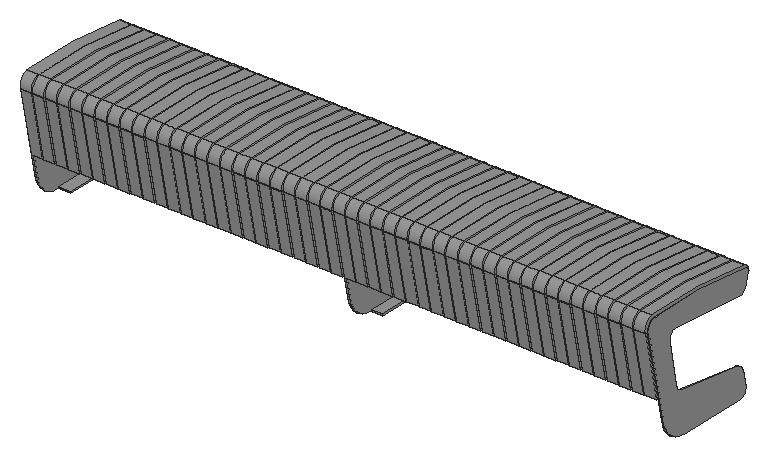
Revit family "Скамейка стальная «Авиньон» без спинки Арт 15495", category Антураж, Revit 2018
Family settings
  На основе рабочей плоскости = Нет
  Всегда вертикально = Да
  При загрузке вырезать с полостями = Нет
  Источник визуального образа = Геометрия семейства
  Общий = Нет
  Точка расчета площади = Нет
Parameters (values of type "Версия "Сосна"")
  Ширина = 460 mm  # constant formula
  Цвет сидения = Сосна
  Цвет опоры = Сталь
  Описание = if([Версия "Сосна"], "Скамейка стальная «Авиньон» без спинки. Версия «Сосна»", "Скамейка стальная «Авиньон» без спинки. Версия «Лиственница»")  # "Скамейка стальная «Авиньон» без спинки. Версия «Сосна»"
  Материал изделия = "Сталь, дерево"  # constant formula
  Изображение типоразмера = Скамейка стальная «Авиньон» без спинки Арт 15495.jpg
  Изготовитель = "ООО «Хоббика»"  # constant formula
  Длина = 2250 mm  # constant formula
  Группа модели = "Скамейки"  # constant formula
  Высота = 445 mm  # constant formula
  Весия "Лиственница" = not([Версия "Сосна"])  # no
  Версия "Сосна" = yes
  Артикул товара = "Арт. 15495"  # constant formula
  URL = "https://hobbyka.ru/product/skameyka_bez_spinki_avinon/"
Types (3, lengths in mm): name | Цвет сидения | Описание | Весия "Лиственница" | Версия "Сосна"
  (no name) | Сосна | "Скамейка стальная «Авиньон» без спинки. Версия «Сосна»" | no | yes
  Версия "Сосна" | Сосна | "Скамейка стальная «Авиньон» без спинки. Версия «Сосна»" | no | yes
  Версия "Лиственница" | Лиственница | "Скамейка стальная «Авиньон» без спинки. Версия «Лиственница»" | yes | no
Reference planes
  plane 1 "По центру (Вперед/Назад)": y = 0
  plane 2: z = 0
  plane 3 "По центру (Влево/Вправо)": x = 0
  plane 4: x = 2250
  plane 5: y = 460
  plane 6: z = 445
Forms (mm)
  Extrusion 1, solid, material "Сталь" <- "Цвет опоры"
    sketch origin (0, 0, 0) x (0, 1, 0) y (0, 0, 1)
      loop
        arc (416.745, 335.489) -> (429.597, 338.018) -> (437.951, 348.108) r 19.503
        line (437.951, 348.108) -> (455.052, 395.092)
        arc (455.052, 395.092) -> (452.642, 405.465) -> (443.642, 411.157) r 14.031
        arc (443.642, 411.157) -> (239.58, 434.43) -> (34.204, 432.615) r 1679.066
        arc (34.204, 432.615) -> (12.39, 416.766) -> (7.708, 390.213) r 35.989
        line (7.708, 390.213) -> (72.16, 86.987)
        arc (72.16, 86.987) -> (103.769, 24.951) -> (168.769, 0) r 97.141
        line (168.769, 0) -> (416.224, 0)
        arc (416.224, 0) -> (436.215, 9.322) -> (441.924, 30.628) r 26.096
        line (441.924, 30.628) -> (431.505, 89.716)
        arc (431.505, 89.716) -> (418.645, 105.883) -> (399.56, 113.789) r 41.253
        line (399.56, 113.789) -> (156.944, 147.886)
        arc (156.944, 147.886) -> (139.444, 155.135) -> (132.195, 172.635) r 24.749
        line (132.195, 172.635) -> (103.574, 319.879)
        arc (103.574, 319.879) -> (107.047, 344.915) -> (129.385, 356.741) r 27.739
        arc (129.385, 356.741) -> (273.531, 352.418) -> (416.745, 335.489) r 1645.257
    from 0 to 5
  Extrusion 2, solid, material "Сталь" <- "Цвет опоры"
    sketch origin (0, 0, 0) x (0, 1, 0) y (0, 0, 1)
      loop
        arc (441.903, 401.31) -> (239.528, 424.419) -> (35.845, 422.705) r 1669.066
        arc (35.845, 422.705) -> (20.66, 411.124) -> (17.489, 392.292) r 25.989
        line (17.489, 392.292) -> (66.745, 160.563) -> (72.014, 159.822) -> (22.38, 393.331)
        arc (22.38, 393.331) -> (24.815, 408.33) -> (36.735, 417.755) r 20.989
        arc (36.735, 417.755) -> (239.537, 419.412) -> (441.034, 396.386) r 1664.066
        line (441.034, 396.386) -> (441.903, 401.31)
    from 0 to 15
  Extrusion 3, solid, material "Сталь" <- "Цвет опоры"
    sketch origin (2250, 0, 0) x (0, 1, 0) y (0, 0, -1)
      loop
        arc (416.745, -335.489) -> (273.531, -352.418) -> (129.385, -356.741) r 1645.257
        arc (129.385, -356.741) -> (107.047, -344.915) -> (103.574, -319.879) r 27.739
        line (103.574, -319.879) -> (132.195, -172.635)
        arc (132.195, -172.635) -> (139.444, -155.135) -> (156.944, -147.886) r 24.749
        line (156.944, -147.886) -> (399.56, -113.789)
        arc (399.56, -113.789) -> (418.645, -105.883) -> (431.505, -89.716) r 41.253
        line (431.505, -89.716) -> (441.924, -30.628)
        arc (441.924, -30.628) -> (436.215, -9.322) -> (416.224, 0) r 26.096
        line (416.224, 0) -> (168.769, 0)
        arc (168.769, 0) -> (103.769, -24.951) -> (72.16, -86.987) r 97.141
        line (72.16, -86.987) -> (7.708, -390.213)
        arc (7.708, -390.213) -> (12.39, -416.766) -> (34.204, -432.615) r 35.989
        arc (34.204, -432.615) -> (239.58, -434.43) -> (443.642, -411.157) r 1679.066
        arc (443.642, -411.157) -> (452.642, -405.465) -> (455.052, -395.092) r 14.031
        line (455.052, -395.092) -> (437.951, -348.108)
        arc (437.951, -348.108) -> (429.597, -338.018) -> (416.745, -335.489) r 19.503
    from 0 to 5
  Extrusion 4, solid, material "Сталь" <- "Цвет опоры"
    sketch origin (2250, 0, 0) x (0, 1, 0) y (0, 0, -1)
      loop
        line (441.903, -401.31) -> (441.034, -396.386)
        arc (441.034, -396.386) -> (239.537, -419.412) -> (36.735, -417.755) r 1664.066
        arc (36.735, -417.755) -> (24.815, -408.33) -> (22.38, -393.331) r 20.989
        line (22.38, -393.331) -> (72.014, -159.822) -> (66.745, -160.563) -> (17.489, -392.292)
        arc (17.489, -392.292) -> (20.66, -411.124) -> (35.845, -422.705) r 25.989
        arc (35.845, -422.705) -> (239.528, -424.419) -> (441.903, -401.31) r 1669.066
    from 0 to 15
  Extrusion 5, solid, material "Сталь" <- "Цвет опоры"
    sketch origin (0, 0, 0) x (0, 1, 0) y (0, 0, 1)
      loop
        arc (416.745, 335.489) -> (429.597, 338.018) -> (437.951, 348.108) r 19.503
        line (437.951, 348.108) -> (455.052, 395.092)
        arc (455.052, 395.092) -> (452.642, 405.465) -> (443.642, 411.157) r 14.031
        arc (443.642, 411.157) -> (239.58, 434.43) -> (34.204, 432.615) r 1679.066
        arc (34.204, 432.615) -> (12.39, 416.766) -> (7.708, 390.213) r 35.989
        line (7.708, 390.213) -> (72.16, 86.987)
        arc (72.16, 86.987) -> (103.769, 24.951) -> (168.769, 0) r 97.141
        line (168.769, 0) -> (416.224, 0)
        arc (416.224, 0) -> (436.215, 9.322) -> (441.924, 30.628) r 26.096
        line (441.924, 30.628) -> (431.505, 89.716)
        arc (431.505, 89.716) -> (418.645, 105.883) -> (399.56, 113.789) r 41.253
        line (399.56, 113.789) -> (156.944, 147.886)
        arc (156.944, 147.886) -> (139.444, 155.135) -> (132.195, 172.635) r 24.749
        line (132.195, 172.635) -> (103.574, 319.879)
        arc (103.574, 319.879) -> (107.047, 344.915) -> (129.385, 356.741) r 27.739
        arc (129.385, 356.741) -> (273.531, 352.418) -> (416.745, 335.489) r 1645.257
    from 1122.5 to 1127.5
  Extrusion 6, solid, material "Сталь" <- "Цвет опоры"
    sketch origin (0, 0, 0) x (0, 1, 0) y (0, 0, 1)
      loop
        arc (441.903, 401.31) -> (239.528, 424.419) -> (35.845, 422.705) r 1669.066
        arc (35.845, 422.705) -> (20.66, 411.124) -> (17.489, 392.292) r 25.989
        line (17.489, 392.292) -> (66.745, 160.563) -> (72.014, 159.822) -> (22.38, 393.331)
        arc (22.38, 393.331) -> (24.815, 408.33) -> (36.735, 417.755) r 20.989
        arc (36.735, 417.755) -> (239.537, 419.412) -> (441.034, 396.386) r 1664.066
        line (441.034, 396.386) -> (441.903, 401.31)
    from 1117.5 to 1132.5
  Extrusion 7, solid, material "Сосна", not visible
    sketch origin (0, 0, 0) x (0, 1, 0) y (0, 0, 1)
      loop
        arc (460.072, 397.998) -> (456.546, 411.723) -> (444.511, 419.206) r 19.031
        arc (444.511, 419.206) -> (238.749, 442.605) -> (31.671, 440.573) r 1684.066
        arc (31.671, 440.573) -> (7.569, 423.576) -> (1.116, 394.798) r 40.989
        line (1.116, 394.798) -> (17.083, 394.798)
        arc (17.083, 394.798) -> (21.342, 412.195) -> (35.845, 422.705) r 25.989
        arc (35.845, 422.705) -> (248.748, 423.908) -> (460.072, 397.998) r 1669.066
      loop
        line (17.489, 392.292) -> (1.132, 392.292) -> (50.387, 160.563) -> (66.745, 160.563) -> (17.489, 392.292)
    from 5 to 45
  Extrusion 8, solid, material "Сталь" <- "Цвет опоры"
    sketch origin (0, 0, 0) x (0, 1, 0) y (0, 0, 1)
      loop
        line (168.769, 0) -> (416.224, 0) -> (416.224, 5) -> (168.769, 5) -> (168.769, 0)
    from 0 to 50
  Extrusion 9, solid, material "Сталь" <- "Цвет опоры"
    sketch origin (2250, 0, 0) x (0, 1, 0) y (0, 0, -1)
      loop
        line (168.769, 0) -> (168.769, -5) -> (416.224, -5) -> (416.224, 0) -> (168.769, 0)
    from 0 to 50
  Extrusion 10, solid, material "Сталь" <- "Цвет опоры"
    sketch origin (1170, 0, 0) x (0, 1, 0) y (0, 0, -1)
      loop
        line (168.769, 0) -> (168.769, -5) -> (416.224, -5) -> (416.224, 0) -> (168.769, 0)
    from 2.551 to 87.449
Cuts and joins
  joined: Extrusion 1, Extrusion 2, Extrusion 8
  joined: Extrusion 3, Extrusion 4, Extrusion 9
  joined: Extrusion 5, Extrusion 6, Extrusion 10
Lines and regions (mm)
  symbolic lines
    curve 1: line (0, 0, 1185) -> (2250, 0, 1185)
    curve 2: line (1125, 0, 1185) -> (1125, 0, 1505)
Dimensions and locks
  "Длина": plane 3 "По центру (Влево/Вправо)" to plane 4
  "Ширина": plane 5 to plane 1 "По центру (Вперед/Назад)"
  "Высота": plane 6 to level
  equal spacing: group 2, group 4, group 5, group 6, group 7, group 8, group 9, group 10, group 11, group 12, group 13, group 14, group 15, group 16, group 17, group 18, group 19, group 20, group 21, group 22, group 23, group 24, group 25, group 26, group 27, group 28, group 29, group 30, group 31, group 32, group 33, group 34, group 35, group 36, group 37, group 38, group 39, group 40, group 41, group 42, group 43, group 44, group 45, group 46, group 47, group 48, group 49, group 50, group 51, group 3  (x3)
  aligned and locked: level to plane 2
Automatic sketch dimensions
  Extrusion 7 sketch curve to Extrusion 7 sketch curve = 15.967 mm
  Extrusion 7 sketch curve to Extrusion 7 sketch curve = 0.406 mm
  Extrusion 7 sketch curve to Extrusion 7 sketch curve = 24.577 mm
  Extrusion 7 sketch curve to Extrusion 7 sketch curve = 1.25 mm
  Extrusion 7 sketch curve to Extrusion 7 sketch curve = 0 mm  (x2)
  Extrusion 7 sketch curve to Extrusion 7 sketch curve = 3.125 mm  (x2)
  Extrusion 7 sketch curve to Extrusion 7 sketch curve = 2.506 mm
  Extrusion 7 sketch curve to Extrusion 7 sketch curve = 2.897 mm
  Extrusion 7 sketch curve to Extrusion 7 sketch curve = 4.174 mm
  Extrusion 7 sketch curve to Extrusion 7 sketch curve = 16.357 mm
  Extrusion 7 sketch curve to Extrusion 7 sketch curve = 0.016 mm
  Extrusion 7 sketch curve to Extrusion 7 sketch curve = 32.898 mm
  Extrusion 7 sketch curve to Extrusion 7 sketch curve = 84.96 mm
  Extrusion 7 sketch curve to Extrusion 7 sketch curve = 398.292 mm
  Extrusion 7 sketch curve to Extrusion 7 sketch curve = 1399.772 mm
  Extrusion 7 sketch curve to Extrusion 7 sketch curve = 231.729 mm
  Extrusion 7 sketch curve to Extrusion 7 sketch curve = 2.77 mm
  Extrusion 7 sketch curve to Extrusion 7 sketch curve = 9.989 mm
  curve 1 to plane 3 "По центру (Влево/Вправо)" = 0 mm
  curve 1 to plane 4 = 0 mm
  plane 6 to curve 1 = 740 mm
  plane 3 "По центру (Влево/Вправо)" to curve 2 = 1125 mm
  curve 2 to curve 2 = 320 mm
  Extrusion 1 sketch curve to level = 0 mm
  Extrusion 1 sketch curve to plane 1 "По центру (Вперед/Назад)" = 7.708 mm
  Extrusion 1 sketch curve to Extrusion 1 sketch curve = 35.202 mm
  Extrusion 1 sketch curve to plane 1 "По центру (Вперед/Назад)" = 72.16 mm
  Extrusion 1 sketch curve to Extrusion 1 sketch curve = 60.664 mm
  Extrusion 1 sketch curve to Extrusion 1 sketch curve = 26.195 mm
  Extrusion 1 sketch curve to Extrusion 1 sketch curve = 60.035 mm
  Extrusion 1 sketch curve to plane 1 "По центру (Вперед/Назад)" = 151.705 mm
  Extrusion 1 sketch curve to Extrusion 1 sketch curve = 0.479 mm
  Extrusion 1 sketch curve to Extrusion 1 sketch curve = 24.749 mm
  Extrusion 1 sketch curve to Extrusion 1 sketch curve = 11.825 mm
  Extrusion 1 sketch curve to plane 5 = 66.182 mm
  Extrusion 1 sketch curve to Extrusion 1 sketch curve = 5.741 mm
  Extrusion 1 sketch curve to plane 5 = 43.776 mm
  Extrusion 1 sketch curve to plane 5 = 40.376 mm
  Extrusion 1 sketch curve to plane 5 = 28.495 mm
  Extrusion 1 sketch curve to Extrusion 1 sketch curve = 18.327 mm
  Extrusion 1 sketch curve to plane 5 = 18.798 mm
  Extrusion 1 sketch curve to plane 5 = 18.076 mm
  Extrusion 1 sketch curve to plane 5 = 4.948 mm
  Extrusion 1 sketch curve to level = 1242.334 mm
  Extrusion 1 sketch curve to Extrusion 1 sketch curve = 46.023 mm
  level to Extrusion 1 sketch curve = 26.096 mm
  Extrusion 1 sketch curve to Extrusion 1 sketch curve = 46.841 mm
  level to Extrusion 1 sketch curve = 86.987 mm
  Extrusion 1 sketch curve to Extrusion 1 sketch curve = 16.779 mm
  Extrusion 1 sketch curve to Extrusion 1 sketch curve = 50.745 mm
  Extrusion 1 sketch curve to plane 6 = 125.121 mm
  Extrusion 1 sketch curve to Extrusion 1 sketch curve = 9.125 mm
  Extrusion 1 sketch curve to plane 6 = 96.892 mm
  Extrusion 1 sketch curve to Extrusion 1 sketch curve = 6.67 mm
  Extrusion 1 sketch curve to plane 6 = 54.787 mm
  Extrusion 1 sketch curve to plane 6 = 49.908 mm
  Extrusion 1 sketch curve to Extrusion 1 sketch curve = 2.248 mm
  Extrusion 1 sketch curve to Extrusion 1 sketch curve = 7.483 mm
  Extrusion 1 sketch curve to plane 6 = 12.385 mm
  Extrusion 1 sketch curve to Extrusion 1 sketch curve = 0 mm
  Extrusion 2 sketch curve to Extrusion 2 sketch curve = 0 mm  (x4)
  Extrusion 2 sketch curve to plane 1 "По центру (Вперед/Назад)" = 17.489 mm
  Extrusion 2 sketch curve to Extrusion 2 sketch curve = 4.891 mm
  Extrusion 2 sketch curve to Extrusion 2 sketch curve = 20.53 mm
  Extrusion 2 sketch curve to plane 1 "По центру (Вперед/Назад)" = 66.745 mm
  Extrusion 2 sketch curve to Extrusion 2 sketch curve = 5.269 mm
  Extrusion 2 sketch curve to plane 1 "По центру (Вперед/Назад)" = 151.705 mm
  Extrusion 2 sketch curve to plane 5 = 18.966 mm
  Extrusion 2 sketch curve to Extrusion 2 sketch curve = 0.869 mm
  Extrusion 2 sketch curve to level = 1242.334 mm
  level to Extrusion 2 sketch curve = 159.822 mm
  Extrusion 2 sketch curve to Extrusion 2 sketch curve = 0.741 mm
  Extrusion 2 sketch curve to plane 6 = 52.708 mm
  Extrusion 2 sketch curve to Extrusion 2 sketch curve = 1.04 mm
  Extrusion 2 sketch curve to plane 6 = 48.614 mm
  Extrusion 2 sketch curve to Extrusion 2 sketch curve = 4.364 mm
  Extrusion 2 sketch curve to Extrusion 2 sketch curve = 4.924 mm
  Extrusion 3 sketch curve to level = 0 mm
  Extrusion 3 sketch curve to plane 1 "По центру (Вперед/Назад)" = 7.708 mm
  Extrusion 3 sketch curve to Extrusion 3 sketch curve = 35.202 mm
  Extrusion 3 sketch curve to plane 1 "По центру (Вперед/Назад)" = 72.16 mm
  Extrusion 3 sketch curve to Extrusion 3 sketch curve = 60.664 mm
  Extrusion 3 sketch curve to Extrusion 3 sketch curve = 26.195 mm
  Extrusion 3 sketch curve to Extrusion 3 sketch curve = 60.035 mm
  Extrusion 3 sketch curve to plane 1 "По центру (Вперед/Назад)" = 151.705 mm
  Extrusion 3 sketch curve to Extrusion 3 sketch curve = 0.479 mm
  Extrusion 3 sketch curve to Extrusion 3 sketch curve = 24.749 mm
  Extrusion 3 sketch curve to Extrusion 3 sketch curve = 11.825 mm
  Extrusion 3 sketch curve to plane 5 = 66.182 mm
  Extrusion 3 sketch curve to Extrusion 3 sketch curve = 5.741 mm
  Extrusion 3 sketch curve to plane 5 = 43.776 mm
  Extrusion 3 sketch curve to plane 5 = 40.376 mm
  Extrusion 3 sketch curve to plane 5 = 28.495 mm
  Extrusion 3 sketch curve to Extrusion 3 sketch curve = 18.327 mm
  Extrusion 3 sketch curve to plane 5 = 18.798 mm
  Extrusion 3 sketch curve to plane 5 = 18.076 mm
  Extrusion 3 sketch curve to plane 5 = 4.948 mm
  level to Extrusion 3 sketch curve = 26.096 mm
  Extrusion 3 sketch curve to Extrusion 3 sketch curve = 46.841 mm
  level to Extrusion 3 sketch curve = 86.987 mm
  Extrusion 3 sketch curve to Extrusion 3 sketch curve = 16.779 mm
  Extrusion 3 sketch curve to Extrusion 3 sketch curve = 50.745 mm
  Extrusion 3 sketch curve to plane 6 = 125.121 mm
  Extrusion 3 sketch curve to Extrusion 3 sketch curve = 9.125 mm
  Extrusion 3 sketch curve to plane 6 = 96.892 mm
  Extrusion 3 sketch curve to Extrusion 3 sketch curve = 6.67 mm
  Extrusion 3 sketch curve to plane 6 = 54.787 mm
  Extrusion 3 sketch curve to plane 6 = 49.908 mm
  Extrusion 3 sketch curve to Extrusion 3 sketch curve = 2.248 mm
  Extrusion 3 sketch curve to Extrusion 3 sketch curve = 7.483 mm
  Extrusion 3 sketch curve to level = 1242.334 mm
  Extrusion 3 sketch curve to Extrusion 3 sketch curve = 46.023 mm
  Extrusion 3 sketch curve to plane 6 = 12.385 mm
  Extrusion 3 sketch curve to Extrusion 3 sketch curve = 0 mm
  Extrusion 4 sketch curve to Extrusion 4 sketch curve = 0 mm  (x4)
  Extrusion 4 sketch curve to plane 1 "По центру (Вперед/Назад)" = 17.489 mm
  Extrusion 4 sketch curve to Extrusion 4 sketch curve = 4.891 mm
  Extrusion 4 sketch curve to Extrusion 4 sketch curve = 20.53 mm
  Extrusion 4 sketch curve to plane 1 "По центру (Вперед/Назад)" = 66.745 mm
  Extrusion 4 sketch curve to Extrusion 4 sketch curve = 5.269 mm
  Extrusion 4 sketch curve to plane 1 "По центру (Вперед/Назад)" = 151.705 mm
  Extrusion 4 sketch curve to plane 5 = 18.966 mm
  Extrusion 4 sketch curve to Extrusion 4 sketch curve = 0.869 mm
  Extrusion 4 sketch curve to plane 6 = 43.69 mm
  level to Extrusion 4 sketch curve = 397.695 mm
  Extrusion 4 sketch curve to Extrusion 4 sketch curve = 4.924 mm
  Extrusion 4 sketch curve to Extrusion 4 sketch curve = 4.364 mm
  Extrusion 4 sketch curve to Extrusion 4 sketch curve = 1.04 mm
  level to Extrusion 4 sketch curve = 160.563 mm
  Extrusion 4 sketch curve to Extrusion 4 sketch curve = 0.741 mm
  Extrusion 4 sketch curve to level = 1242.334 mm
  Extrusion 5 sketch curve to level = 0 mm
  Extrusion 5 sketch curve to plane 1 "По центру (Вперед/Назад)" = 7.708 mm
  Extrusion 5 sketch curve to Extrusion 5 sketch curve = 35.202 mm
  Extrusion 5 sketch curve to plane 1 "По центру (Вперед/Назад)" = 72.16 mm
  Extrusion 5 sketch curve to Extrusion 5 sketch curve = 60.664 mm
  Extrusion 5 sketch curve to Extrusion 5 sketch curve = 26.195 mm
  Extrusion 5 sketch curve to Extrusion 5 sketch curve = 60.035 mm
  Extrusion 5 sketch curve to plane 1 "По центру (Вперед/Назад)" = 151.705 mm
  Extrusion 5 sketch curve to Extrusion 5 sketch curve = 0.479 mm
  Extrusion 5 sketch curve to Extrusion 5 sketch curve = 24.749 mm
  Extrusion 5 sketch curve to Extrusion 5 sketch curve = 11.825 mm
  Extrusion 5 sketch curve to plane 5 = 66.182 mm
  Extrusion 5 sketch curve to Extrusion 5 sketch curve = 5.741 mm
  Extrusion 5 sketch curve to plane 5 = 43.776 mm
  Extrusion 5 sketch curve to plane 5 = 40.376 mm
  Extrusion 5 sketch curve to plane 5 = 28.495 mm
  Extrusion 5 sketch curve to Extrusion 5 sketch curve = 18.327 mm
  Extrusion 5 sketch curve to plane 5 = 18.798 mm
  Extrusion 5 sketch curve to plane 5 = 18.076 mm
  Extrusion 5 sketch curve to plane 5 = 4.948 mm
  Extrusion 5 sketch curve to level = 1242.334 mm
  Extrusion 5 sketch curve to Extrusion 5 sketch curve = 46.023 mm
  level to Extrusion 5 sketch curve = 26.096 mm
  Extrusion 5 sketch curve to Extrusion 5 sketch curve = 46.841 mm
  level to Extrusion 5 sketch curve = 86.987 mm
  Extrusion 5 sketch curve to Extrusion 5 sketch curve = 16.779 mm
  Extrusion 5 sketch curve to Extrusion 5 sketch curve = 50.745 mm
  Extrusion 5 sketch curve to plane 6 = 125.121 mm
  Extrusion 5 sketch curve to Extrusion 5 sketch curve = 9.125 mm
  Extrusion 5 sketch curve to plane 6 = 96.892 mm
  Extrusion 5 sketch curve to Extrusion 5 sketch curve = 6.67 mm
  Extrusion 5 sketch curve to plane 6 = 54.787 mm
  Extrusion 5 sketch curve to plane 6 = 49.908 mm
  Extrusion 5 sketch curve to Extrusion 5 sketch curve = 2.248 mm
  Extrusion 5 sketch curve to Extrusion 5 sketch curve = 7.483 mm
  Extrusion 5 sketch curve to plane 6 = 12.385 mm
  Extrusion 5 sketch curve to Extrusion 5 sketch curve = 0 mm
  Extrusion 6 sketch curve to Extrusion 6 sketch curve = 0 mm  (x4)
  Extrusion 6 sketch curve to plane 1 "По центру (Вперед/Назад)" = 17.489 mm
  Extrusion 6 sketch curve to Extrusion 6 sketch curve = 4.891 mm
  Extrusion 6 sketch curve to Extrusion 6 sketch curve = 20.53 mm
  Extrusion 6 sketch curve to plane 1 "По центру (Вперед/Назад)" = 66.745 mm
  Extrusion 6 sketch curve to Extrusion 6 sketch curve = 5.269 mm
  Extrusion 6 sketch curve to plane 1 "По центру (Вперед/Назад)" = 151.705 mm
  Extrusion 6 sketch curve to plane 5 = 18.966 mm
  Extrusion 6 sketch curve to Extrusion 6 sketch curve = 0.869 mm
  Extrusion 6 sketch curve to level = 1242.334 mm
  level to Extrusion 6 sketch curve = 159.822 mm
  Extrusion 6 sketch curve to Extrusion 6 sketch curve = 0.741 mm
  Extrusion 6 sketch curve to plane 6 = 52.708 mm
  Extrusion 6 sketch curve to Extrusion 6 sketch curve = 1.04 mm
  Extrusion 6 sketch curve to plane 6 = 48.614 mm
  Extrusion 6 sketch curve to Extrusion 6 sketch curve = 4.364 mm
  Extrusion 6 sketch curve to Extrusion 6 sketch curve = 4.924 mm
  Extrusion 8 sketch curve to level = 0 mm
  Extrusion 8 sketch curve to plane 1 "По центру (Вперед/Назад)" = 168.769 mm
  level to Extrusion 8 sketch curve = 5 mm
  Extrusion 8 sketch curve to plane 5 = 43.776 mm
  Extrusion 9 sketch curve to level = 0 mm
  Extrusion 9 sketch curve to plane 1 "По центру (Вперед/Назад)" = 168.769 mm
  level to Extrusion 9 sketch curve = 5 mm
  Extrusion 9 sketch curve to plane 5 = 43.776 mm
  Extrusion 10 sketch curve to level = 0 mm
  Extrusion 10 sketch curve to plane 1 "По центру (Вперед/Назад)" = 168.769 mm
  level to Extrusion 10 sketch curve = 5 mm
  Extrusion 10 sketch curve to plane 5 = 43.776 mm
Nested families
  nested 1: "Скамейка стальная «Авиньон» без спинки Арт 15495 сидушка" at (5, 0, 0), type "Скамейка стальная «Авиньон» без спинки Арт 15495 сидушка"
  nested 2: "Скамейка стальная «Авиньон» без спинки Арт 15495 сидушка" at (2205, 0, 0), type "Скамейка стальная «Авиньон» без спинки Арт 15495 сидушка"
  nested 3: "Скамейка стальная «Авиньон» без спинки Арт 15495 сидушка" at (49.898, 0, 0), type "Скамейка стальная «Авиньон» без спинки Арт 15495 сидушка"
  nested 4: "Скамейка стальная «Авиньон» без спинки Арт 15495 сидушка" at (94.796, 0, 0), type "Скамейка стальная «Авиньон» без спинки Арт 15495 сидушка"
  nested 5: "Скамейка стальная «Авиньон» без спинки Арт 15495 сидушка" at (139.694, 0, 0), type "Скамейка стальная «Авиньон» без спинки Арт 15495 сидушка"
  nested 6: "Скамейка стальная «Авиньон» без спинки Арт 15495 сидушка" at (184.592, 0, 0), type "Скамейка стальная «Авиньон» без спинки Арт 15495 сидушка"
  nested 7: "Скамейка стальная «Авиньон» без спинки Арт 15495 сидушка" at (229.49, 0, 0), type "Скамейка стальная «Авиньон» без спинки Арт 15495 сидушка"
  nested 8: "Скамейка стальная «Авиньон» без спинки Арт 15495 сидушка" at (274.388, 0, 0), type "Скамейка стальная «Авиньон» без спинки Арт 15495 сидушка"
  nested 9: "Скамейка стальная «Авиньон» без спинки Арт 15495 сидушка" at (319.286, 0, 0), type "Скамейка стальная «Авиньон» без спинки Арт 15495 сидушка"
  nested 10: "Скамейка стальная «Авиньон» без спинки Арт 15495 сидушка" at (364.184, 0, 0), type "Скамейка стальная «Авиньон» без спинки Арт 15495 сидушка"
  nested 11: "Скамейка стальная «Авиньон» без спинки Арт 15495 сидушка" at (409.082, 0, 0), type "Скамейка стальная «Авиньон» без спинки Арт 15495 сидушка"
  nested 12: "Скамейка стальная «Авиньон» без спинки Арт 15495 сидушка" at (453.98, 0, 0), type "Скамейка стальная «Авиньон» без спинки Арт 15495 сидушка"
  nested 13: "Скамейка стальная «Авиньон» без спинки Арт 15495 сидушка" at (498.878, 0, 0), type "Скамейка стальная «Авиньон» без спинки Арт 15495 сидушка"
  nested 14: "Скамейка стальная «Авиньон» без спинки Арт 15495 сидушка" at (543.776, 0, 0), type "Скамейка стальная «Авиньон» без спинки Арт 15495 сидушка"
  nested 15: "Скамейка стальная «Авиньон» без спинки Арт 15495 сидушка" at (588.673, 0, 0), type "Скамейка стальная «Авиньон» без спинки Арт 15495 сидушка"
  nested 16: "Скамейка стальная «Авиньон» без спинки Арт 15495 сидушка" at (633.571, 0, 0), type "Скамейка стальная «Авиньон» без спинки Арт 15495 сидушка"
  nested 17: "Скамейка стальная «Авиньон» без спинки Арт 15495 сидушка" at (678.469, 0, 0), type "Скамейка стальная «Авиньон» без спинки Арт 15495 сидушка"
  nested 18: "Скамейка стальная «Авиньон» без спинки Арт 15495 сидушка" at (723.367, 0, 0), type "Скамейка стальная «Авиньон» без спинки Арт 15495 сидушка"
  nested 19: "Скамейка стальная «Авиньон» без спинки Арт 15495 сидушка" at (768.265, 0, 0), type "Скамейка стальная «Авиньон» без спинки Арт 15495 сидушка"
  nested 20: "Скамейка стальная «Авиньон» без спинки Арт 15495 сидушка" at (813.163, 0, 0), type "Скамейка стальная «Авиньон» без спинки Арт 15495 сидушка"
  nested 21: "Скамейка стальная «Авиньон» без спинки Арт 15495 сидушка" at (858.061, 0, 0), type "Скамейка стальная «Авиньон» без спинки Арт 15495 сидушка"
  nested 22: "Скамейка стальная «Авиньон» без спинки Арт 15495 сидушка" at (902.959, 0, 0), type "Скамейка стальная «Авиньон» без спинки Арт 15495 сидушка"
  nested 23: "Скамейка стальная «Авиньон» без спинки Арт 15495 сидушка" at (947.857, 0, 0), type "Скамейка стальная «Авиньон» без спинки Арт 15495 сидушка"
  nested 24: "Скамейка стальная «Авиньон» без спинки Арт 15495 сидушка" at (992.755, 0, 0), type "Скамейка стальная «Авиньон» без спинки Арт 15495 сидушка"
  nested 25: "Скамейка стальная «Авиньон» без спинки Арт 15495 сидушка" at (1037.653, 0, 0), type "Скамейка стальная «Авиньон» без спинки Арт 15495 сидушка"
  nested 26: "Скамейка стальная «Авиньон» без спинки Арт 15495 сидушка" at (1082.551, 0, 0), type "Скамейка стальная «Авиньон» без спинки Арт 15495 сидушка"
  nested 27: "Скамейка стальная «Авиньон» без спинки Арт 15495 сидушка" at (1127.449, 0, 0), type "Скамейка стальная «Авиньон» без спинки Арт 15495 сидушка"
  nested 28: "Скамейка стальная «Авиньон» без спинки Арт 15495 сидушка" at (1172.347, 0, 0), type "Скамейка стальная «Авиньон» без спинки Арт 15495 сидушка"
  nested 29: "Скамейка стальная «Авиньон» без спинки Арт 15495 сидушка" at (1217.245, 0, 0), type "Скамейка стальная «Авиньон» без спинки Арт 15495 сидушка"
  nested 30: "Скамейка стальная «Авиньон» без спинки Арт 15495 сидушка" at (1262.143, 0, 0), type "Скамейка стальная «Авиньон» без спинки Арт 15495 сидушка"
  nested 31: "Скамейка стальная «Авиньон» без спинки Арт 15495 сидушка" at (1307.041, 0, 0), type "Скамейка стальная «Авиньон» без спинки Арт 15495 сидушка"
  nested 32: "Скамейка стальная «Авиньон» без спинки Арт 15495 сидушка" at (1351.939, 0, 0), type "Скамейка стальная «Авиньон» без спинки Арт 15495 сидушка"
  nested 33: "Скамейка стальная «Авиньон» без спинки Арт 15495 сидушка" at (1396.837, 0, 0), type "Скамейка стальная «Авиньон» без спинки Арт 15495 сидушка"
  nested 34: "Скамейка стальная «Авиньон» без спинки Арт 15495 сидушка" at (1441.735, 0, 0), type "Скамейка стальная «Авиньон» без спинки Арт 15495 сидушка"
  nested 35: "Скамейка стальная «Авиньон» без спинки Арт 15495 сидушка" at (1486.633, 0, 0), type "Скамейка стальная «Авиньон» без спинки Арт 15495 сидушка"
  nested 36: "Скамейка стальная «Авиньон» без спинки Арт 15495 сидушка" at (1531.531, 0, 0), type "Скамейка стальная «Авиньон» без спинки Арт 15495 сидушка"
  nested 37: "Скамейка стальная «Авиньон» без спинки Арт 15495 сидушка" at (1576.429, 0, 0), type "Скамейка стальная «Авиньон» без спинки Арт 15495 сидушка"
  nested 38: "Скамейка стальная «Авиньон» без спинки Арт 15495 сидушка" at (1621.327, 0, 0), type "Скамейка стальная «Авиньон» без спинки Арт 15495 сидушка"
  nested 39: "Скамейка стальная «Авиньон» без спинки Арт 15495 сидушка" at (1666.224, 0, 0), type "Скамейка стальная «Авиньон» без спинки Арт 15495 сидушка"
  nested 40: "Скамейка стальная «Авиньон» без спинки Арт 15495 сидушка" at (1711.122, 0, 0), type "Скамейка стальная «Авиньон» без спинки Арт 15495 сидушка"
  nested 41: "Скамейка стальная «Авиньон» без спинки Арт 15495 сидушка" at (1756.02, 0, 0), type "Скамейка стальная «Авиньон» без спинки Арт 15495 сидушка"
  nested 42: "Скамейка стальная «Авиньон» без спинки Арт 15495 сидушка" at (1800.918, 0, 0), type "Скамейка стальная «Авиньон» без спинки Арт 15495 сидушка"
  nested 43: "Скамейка стальная «Авиньон» без спинки Арт 15495 сидушка" at (1845.816, 0, 0), type "Скамейка стальная «Авиньон» без спинки Арт 15495 сидушка"
  nested 44: "Скамейка стальная «Авиньон» без спинки Арт 15495 сидушка" at (1890.714, 0, 0), type "Скамейка стальная «Авиньон» без спинки Арт 15495 сидушка"
  nested 45: "Скамейка стальная «Авиньон» без спинки Арт 15495 сидушка" at (1935.612, 0, 0), type "Скамейка стальная «Авиньон» без спинки Арт 15495 сидушка"
  nested 46: "Скамейка стальная «Авиньон» без спинки Арт 15495 сидушка" at (1980.51, 0, 0), type "Скамейка стальная «Авиньон» без спинки Арт 15495 сидушка"
  nested 47: "Скамейка стальная «Авиньон» без спинки Арт 15495 сидушка" at (2025.408, 0, 0), type "Скамейка стальная «Авиньон» без спинки Арт 15495 сидушка"
  nested 48: "Скамейка стальная «Авиньон» без спинки Арт 15495 сидушка" at (2070.306, 0, 0), type "Скамейка стальная «Авиньон» без спинки Арт 15495 сидушка"
  nested 49: "Скамейка стальная «Авиньон» без спинки Арт 15495 сидушка" at (2115.204, 0, 0), type "Скамейка стальная «Авиньон» без спинки Арт 15495 сидушка"
  nested 50: "Скамейка стальная «Авиньон» без спинки Арт 15495 сидушка" at (2160.102, 0, 0), type "Скамейка стальная «Авиньон» без спинки Арт 15495 сидушка"
Definition of nested family "Скамейка стальная «Авиньон» без спинки Арт 15495 сидушка"
  Parameters (values of type "Скамейка стальная «Авиньон» без спинки Арт 15495 сидушка")
    Цвет сидения = none
    Height = 0 mm
  Reference planes
    plane 1 "По центру (Вперед/Назад)": y = 0
    plane 2: z = 0
    plane 3 "По центру (Влево/Вправо)": x = 0
  Forms (mm)
    Extrusion 1, solid, material <- "Цвет сидения"
      sketch origin (-5, -0.868, 0) x (0, 1, 0) y (0, 0, 1)
        loop
          arc (460.072, 397.998) -> (456.546, 411.723) -> (444.511, 419.206) r 19.031
          arc (444.511, 419.206) -> (238.749, 442.605) -> (31.671, 440.573) r 1684.066
          arc (31.671, 440.573) -> (7.569, 423.576) -> (1.116, 394.798) r 40.989
          line (1.116, 394.798) -> (17.083, 394.798)
          arc (17.083, 394.798) -> (21.342, 412.195) -> (35.845, 422.705) r 25.989
          arc (35.845, 422.705) -> (248.748, 423.908) -> (460.072, 397.998) r 1669.066
        loop
          line (17.489, 392.292) -> (1.132, 392.292) -> (50.387, 160.563) -> (66.745, 160.563) -> (17.489, 392.292)
      from 5 to 45
  Dimensions and locks
    aligned and locked: level to plane 2
